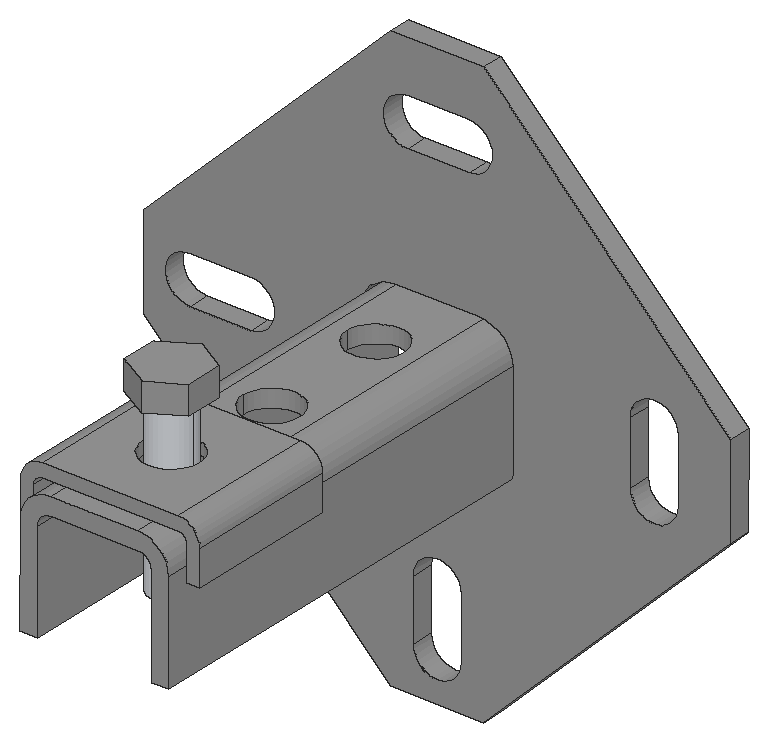
Revit family "Wandhalter_WBDHE_41_FT", category Generic Models, Revit 2017
Family settings
  Can host rebar = No
  Round Connector Dimension = Use Diameter
  Part Type = Normal
  Work Plane-Based = No
  Always vertical = Yes
  Cut with Voids When Loaded = No
  Shared = No
  Room Calculation Point = No
Parameters (values of type "WBDHE 41 FT")
  URL = "http://www.obo-bettermann.com"
  Material = hot dip galvanised
  Manufacturer Art.No. = "1123191"
  Manufacturer = "OBO BETTERMANN"
  GTIN = "4012195939276"
  Article Type = "WBDHE 41 FT"
Reference planes
  plane 1 "Center (Front/Back)": y = 0
  plane 2: z = 0
  plane 3 "Center (Left/Right)": x = 0
  plane 4: z = 134.35
  plane 5: x = 134.35
  plane 6: x = 67.175
  plane 7: z = 67.175
  plane 8: z = 149.35
  plane 9: x = 149.35
  plane 10: x = -15
  plane 11: z = -15
  plane 12: x = 59.675
  plane 13: x = 74.675
  plane 14: through (67.175, -1524, 67.175) normal (-0.7071, 0, -0.7071)
  plane 15: through (67.175, -1524, 67.175) normal (0.7071, 0, 0.7071)
  plane 16: through (134.35, -1524, 134.35) normal (0.7071, 0, -0.7071)
  plane 17: y = 5
  plane 18: x = 5
  plane 19: z = 67.175
  plane 20: x = 122.35
  plane 21: x = 30
  plane 22: x = 67.425
  plane 23: z = 122.487
  plane 24: z = 5
  plane 25: x = 67.175
  plane 26: z = 67.175
  plane 27: z = 82.925
  plane 28: z = 51.425
  plane 29: x = 84.675
  plane 30: x = 49.675
  plane 31: x = 67.175
  plane 32: x = 50.175
  plane 33: x = 84.175
  plane 34: z = 66.425
  plane 35: y = 104
  plane 36: x = 67.175
  plane 37: x = 87.675
  plane 38: x = 46.675
  plane 39: z = 72.102
  plane 40: y = 69
  plane 41: y = 65.619
  plane 42: y = 100.619
  plane 43: y = -76.017
  plane 44: x = 67.175
  plane 45: z = 76.132
  plane 46: z = 77.132
  plane 47: z = 72.012
  plane 48: z = 97.012
  plane 49: z = 103.412
  plane 50: z = 85.102
  plane 51: y = -99
  plane 52: y = -58.517
  plane 53: y = -76.017
  plane 54: x = 67.175
  plane 55: y = -17.617
  plane 56: y = -47.617
  plane 57: y = -81.017
  plane 58: z = 57.012
Forms (mm)
  Extrusion 1, solid, material "hot dip galvanised" <- "Material"
    sketch origin (0, 0, 0) x (1, 0, 0) y (0, 0, 1)
      loop
        line (134.35, 56.568) -> (134.35, 77.782) -> (77.782, 134.35) -> (56.568, 134.35) -> (0, 77.782) -> (0, 56.568) -> (56.568, 0) -> (77.782, 0) -> (134.35, 56.568)
    from 0 to -5
  Extrusion 2, void
    sketch origin (0, 0, 0) x (1, 0, 0) y (0, 0, 1)
      loop
        arc (10.5, 72.675) -> (5, 67.175) -> (10.5, 61.675) r 5.5
        line (10.5, 61.675) -> (24.5, 61.675)
        arc (24.5, 61.675) -> (30, 67.175) -> (24.5, 72.675) r 5.5
        line (24.5, 72.675) -> (10.5, 72.675)
      loop
        arc (111.35, 59.976) -> (116.85, 54.476) -> (122.35, 59.976) r 5.5
        line (122.35, 59.976) -> (122.35, 74.374)
        arc (122.35, 74.374) -> (116.85, 79.874) -> (111.35, 74.374) r 5.5
        line (111.35, 74.374) -> (111.35, 59.976)
      loop
        arc (60.425, 122.487) -> (54.925, 116.987) -> (60.425, 111.487) r 5.5
        line (60.425, 111.487) -> (74.425, 111.487)
        arc (74.425, 111.487) -> (79.925, 116.987) -> (74.425, 122.487) r 5.5
        line (74.425, 122.487) -> (60.425, 122.487)
      loop
        arc (61.756, 10.5) -> (67.256, 5) -> (72.756, 10.5) r 5.5
        line (72.756, 10.5) -> (72.756, 24.5)
        arc (72.756, 24.5) -> (67.256, 30) -> (61.756, 24.5) r 5.5
        line (61.756, 24.5) -> (61.756, 10.5)
    from 0 to -5
  Extrusion 3, void
    sketch origin (0, 0, 0) x (1, 0, 0) y (0, 0, 1)
      loop
        arc (57.675, 82.925) -> (52.018, 80.582) -> (49.675, 74.925) r 8
        line (49.675, 74.925) -> (49.675, 53.425)
        arc (49.675, 53.425) -> (50.261, 52.011) -> (51.675, 51.425) r 2
        line (51.675, 51.425) -> (82.675, 51.425)
        arc (82.675, 51.425) -> (84.089, 52.011) -> (84.675, 53.425) r 2
        line (84.675, 53.425) -> (84.675, 74.925)
        arc (84.675, 74.925) -> (82.332, 80.582) -> (76.675, 82.925) r 8
        line (76.675, 82.925) -> (57.675, 82.925)
    from 0 to -5
  Extrusion 4, solid, material "hot dip galvanised" <- "Material"
    sketch origin (0, 0, 0) x (1, 0, 0) y (0, 0, 1)
      loop
        line (50.175, 52.102) -> (54.175, 52.102) -> (54.175, 75.102)
        arc (54.175, 75.102) -> (55.054, 77.223) -> (57.175, 78.102) r 3
        line (57.175, 78.102) -> (77.175, 78.102)
        arc (77.175, 78.102) -> (79.296, 77.223) -> (80.175, 75.102) r 3
        line (80.175, 75.102) -> (80.175, 52.102) -> (84.175, 52.102) -> (84.175, 75.102)
        arc (84.175, 75.102) -> (82.125, 80.052) -> (77.175, 82.102) r 7
        line (77.175, 82.102) -> (57.175, 82.102)
        arc (57.175, 82.102) -> (52.225, 80.052) -> (50.175, 75.102) r 7
        line (50.175, 75.102) -> (50.175, 52.102)
    from 98.017 to -5
  Extrusion 5, solid, material "hot dip galvanised" <- "Material"
    sketch origin (0, 0, 0) x (1, 0, 0) y (0, 0, 1)
      loop
        line (46.675, 72.102) -> (49.675, 72.102) -> (49.675, 80.102)
        arc (49.675, 80.102) -> (50.261, 81.516) -> (51.675, 82.102) r 2
        line (51.675, 82.102) -> (82.675, 82.102)
        arc (82.675, 82.102) -> (84.089, 81.516) -> (84.675, 80.102) r 2
        line (84.675, 80.102) -> (84.675, 72.102) -> (87.675, 72.102) -> (87.675, 80.102)
        arc (87.675, 80.102) -> (86.211, 83.638) -> (82.675, 85.102) r 5
        line (82.675, 85.102) -> (51.675, 85.102)
        arc (51.675, 85.102) -> (48.139, 83.638) -> (46.675, 80.102) r 5
        line (46.675, 80.102) -> (46.675, 72.102)
    from 93.517 to 58.517
  Extrusion 6, solid, material "hot dip galvanised" <- "Material"
    sketch origin (0, 0, 0) x (1, 0, 0) y (0, 1, 0)
      loop
        circle (67.175, -76.017) r 5.75
      loop
        circle (67.175, -76.017) r 10.5
    from 77.132 to 76.132
  Extrusion 7, solid, material "hot dip galvanised" <- "Material"
    sketch origin (0, 0, 0) x (1, 0, 0) y (0, 1, 0)
      loop
        line (74.652, -71.7) -> (67.175, -67.383) -> (59.698, -71.7) -> (59.698, -80.334) -> (67.175, -84.65) -> (74.652, -80.334) -> (74.652, -71.7)
    from 103.412 to 97.012
  Extrusion 8, void
    sketch origin (0, 0, 0) x (1, 0, 0) y (0, 1, 0)
      loop
        circle (67.175, -76.017) r 6.5
      loop
        circle (67.365, -47.608) r 6.5
      loop
        circle (67.175, -17.624) r 6.5
    from 78.102 to 85.102
  Extrusion 9, solid
    sketch origin (0, 0, 0) x (1, 0, 0) y (0, 1, 0)
      loop
        circle (67.175, -76.017) r 5
    from 57.012 to 97.012
Cuts and joins
  Extrusion 2, Extrusion 3 cuts Extrusion 1
  Extrusion 8 cuts Extrusion 4
  Extrusion 8 cuts Extrusion 5
  Extrusion 8 cuts Extrusion 6
  Extrusion 8 cuts Extrusion 7
Dimensions and locks
  plane 6 to plane 12 = 7.5 mm
  plane 13 to plane 6 = 7.5 mm
  Extrusion 1 sketch curve to Extrusion 1 sketch curve = 110 mm
  locked: Extrusion 1 sketch curve to Extrusion 1 sketch curve at 134.35  (x2)
  locked: plane 19 to Extrusion 1 at 67.175
  locked: plane 18 to plane 3 "Center (Left/Right)" at 5
  locked: Extrusion 2 sketch curve to Extrusion 2 sketch curve at 11  (x4)
  Extrusion 2 sketch curve to plane 19 = 5.5 mm
  locked: Extrusion 2 sketch curve to plane 18 at 25
  locked: Extrusion 1 to plane 21 at 30
  locked: plane 21 to Extrusion 2 sketch curve at 25
  plane 22 to plane 3 "Center (Left/Right)" = 67.425 mm
  Extrusion 2 sketch curve to plane 19 = 12.699 mm
  plane 19 to Extrusion 2 sketch curve = 12.699 mm
  plane 22 to Extrusion 2 sketch curve = 12.5 mm  (x2)
  locked: Extrusion 2 sketch curve to plane 22 at 12.5
  locked: plane 24 to Extrusion 1 at 5
  Extrusion 2 sketch curve to plane 22 = 5.331 mm
  plane 22 to Extrusion 2 sketch curve = 5.331 mm
  locked: Extrusion 2 sketch curve to plane 24 at 25
  locked: Extrusion 2 sketch curve to Extrusion 1 at 5
  locked: cut or joined group of Extrusion 1, Extrusion 2, Extrusion 3 to plane 25 at 67.175
  locked: plane 26 to level at 67.175
  locked: Extrusion 3 sketch curve to Extrusion 3 sketch curve at 35
  locked: Extrusion 3 sketch curve to plane 25 at 17.5
  cut or joined group of Extrusion 1, Extrusion 2, Extrusion 3 to plane 31 = 17.5 mm
  locked: cut or joined group of Extrusion 1, Extrusion 2, Extrusion 3 to plane 31 at 17.5
  locked: plane 31 to plane 32 at 17
  locked: plane 33 to plane 31 at 17
  cut or joined group of Extrusion 1, Extrusion 2, Extrusion 3 to cut or joined group of Extrusion 1, Extrusion 2, Extrusion 3 = 31.5 mm
  locked: Extrusion 4 sketch curve to Extrusion 4 sketch curve at 26
  locked: Extrusion 4 sketch curve to Extrusion 4 sketch curve at 30  (x2)
  locked: cut or joined group of Extrusion 1, Extrusion 2, Extrusion 3 to plane 35 at 104
  locked: Extrusion 4 to plane 36 at 13
  locked: plane 37 to plane 36 at 20.5
  locked: plane 36 to plane 38 at 20.5
  Extrusion 4 to plane 39 = 10 mm
  Extrusion 4 to Extrusion 5 sketch curve = 0 mm
  Extrusion 4 to Extrusion 5 sketch curve = 10 mm  (x2)
  locked: plane 35 to plane 40 at 35
  Extrusion 5 to Extrusion 5 = 35 mm
  locked: plane 42 to plane 41 at 35
  locked: Extrusion 4 to plane 44 at 13
  locked: Extrusion 5 to plane 43 at 17.5
  plane 44 to Extrusion 6 sketch curve = 0 mm
  locked: plane 44 to Extrusion 6 sketch curve at 0
  locked: plane 44 to Extrusion 6 sketch curve at 10.5
  locked: plane 48 to plane 47 at 25
  locked: plane 49 to plane 48 at 6.4
  locked: Extrusion 5 sketch curve to Extrusion 4 at 3
  locked: Extrusion 5 sketch curve to Extrusion 5 sketch curve at 3  (x2)
  locked: plane 46 to plane 45 at 1
  locked: plane 51 to cut or joined group of Extrusion 1, Extrusion 2, Extrusion 3 at 104
  locked: Extrusion 4 to plane 53 at 22
  locked: Extrusion 4 to plane 54 at 13
  Extrusion 5 to plane 53 = 17.5 mm
  Extrusion 5 to plane 52 = 35 mm
  locked: Extrusion 7 sketch curve to Extrusion 7 sketch curve at 14.954
  cut or joined group of Extrusion 1, Extrusion 2, Extrusion 3 to plane 53 = 81.017 mm
  plane 54 to Extrusion 6 = 5.75 mm
  cut or joined group of Extrusion 1, Extrusion 2, Extrusion 3 to cut or joined group of Extrusion 4, Extrusion 8 = 29.124 mm
  locked: plane 54 to Extrusion 9 sketch curve at 5
  locked: cut or joined group of Extrusion 7, Extrusion 8 to plane 58 at 40
  aligned and locked: level to plane 2
  aligned and locked: plane 17 to Extrusion 1
  aligned and locked: Extrusion 1 to Extrusion 2
  aligned and locked: plane 1 "Center (Front/Back)" to Extrusion 1
  aligned and locked: Extrusion 1 to Extrusion 3
  aligned and locked: plane 32 to Extrusion 4 sketch curve
  aligned and locked: plane 45 to Extrusion 6
  aligned and locked: plane 46 to Extrusion 6
  aligned and locked: plane 17 to Extrusion 4
  aligned and locked: plane 52 to Extrusion 5
  aligned and locked: plane 49 to Extrusion 7
  aligned and locked: cut or joined group of Extrusion 5, Extrusion 8 to Extrusion 8
  aligned and locked: Extrusion 9 to plane 58
  aligned and locked: plane 48 to Extrusion 9
Automatic sketch dimensions
  Extrusion 1 sketch curve to plane 3 "Center (Left/Right)" = 0 mm
  Extrusion 1 sketch curve to level = 0 mm
  Extrusion 1 sketch curve to plane 12 = 3.107 mm  (x2)
  plane 13 to Extrusion 1 sketch curve = 3.107 mm  (x2)
  Extrusion 1 sketch curve to plane 7 = 10.607 mm
  plane 7 to Extrusion 1 sketch curve = 10.607 mm
  Extrusion 2 sketch curve to plane 20 = 0 mm
  Extrusion 2 sketch curve to plane 23 = 0 mm
  Extrusion 3 sketch curve to plane 27 = 0 mm
  Extrusion 3 sketch curve to plane 28 = 0 mm
  plane 30 to Extrusion 3 sketch curve = 2 mm
  plane 26 to Extrusion 3 sketch curve = 7.75 mm  (x2)
  Extrusion 3 sketch curve to Extrusion 3 sketch curve = 2 mm
  Extrusion 4 sketch curve to Extrusion 4 sketch curve = 0 mm  (x6)
  Extrusion 4 sketch curve to plane 33 = 0 mm
  Extrusion 4 sketch curve to Extrusion 4 sketch curve = 3 mm  (x2)
  plane 34 to Extrusion 4 sketch curve = 8.677 mm
  Extrusion 6 sketch curve to Extrusion 6 sketch curve = 0 mm
  Extrusion 6 sketch curve to plane 43 = 0 mm
  Extrusion 5 sketch curve to Extrusion 5 sketch curve = 0 mm  (x2)
  Extrusion 5 sketch curve to plane 38 = 0 mm
  Extrusion 5 sketch curve to plane 37 = 0 mm
  Extrusion 5 sketch curve to Extrusion 5 sketch curve = 2 mm  (x2)
  Extrusion 7 sketch curve to plane 54 = 0 mm  (x2)
  Extrusion 7 sketch curve to plane 54 = 7.477 mm
  plane 53 to Extrusion 7 sketch curve = 4.317 mm  (x2)
  plane 54 to Extrusion 7 sketch curve = 7.477 mm
  Extrusion 7 sketch curve to plane 53 = 4.317 mm  (x2)
  Extrusion 8 sketch curve to plane 54 = 0 mm  (x2)
  Extrusion 8 sketch curve to plane 53 = 0 mm
  plane 56 to Extrusion 8 sketch curve = 0.008 mm
  plane 54 to Extrusion 8 sketch curve = 0.19 mm
  Extrusion 8 sketch curve to plane 55 = 0.007 mm
  Extrusion 9 sketch curve to plane 53 = 0 mm
  Extrusion 9 sketch curve to plane 54 = 0 mm
  radius of Extrusion 6 sketch curve = 5.75 mm
  radius of Extrusion 8 sketch curve = 6.5 mm  (x3)
